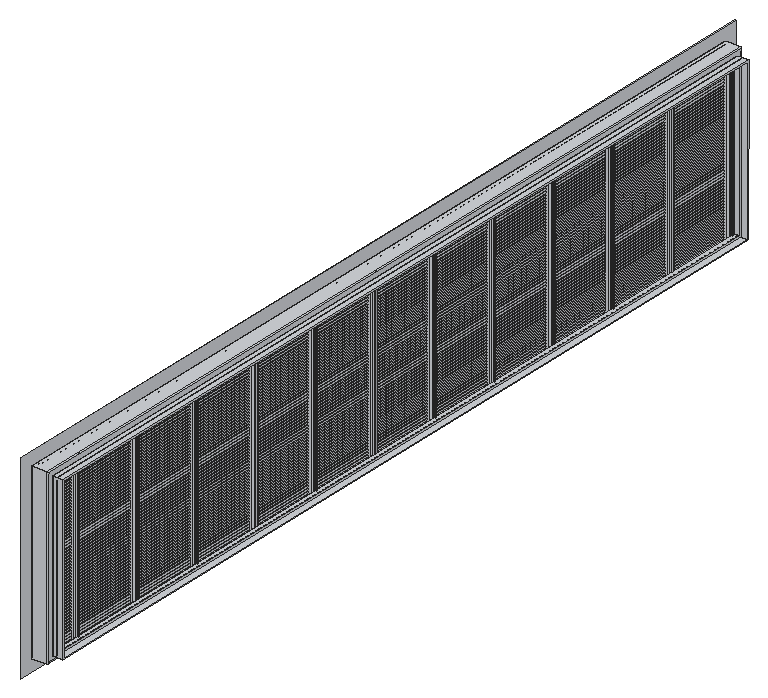
Revit family "14201_TXP", category Air Terminals, Revit 2012
Parameters (values of type "TXP")
  Visible_Texto = not(and(and(Medida_Requerida_Vertical > 3", Medida_Requerida_Vertical < 13"), and(Medida_Requerida_Horizontal > 3", Medida_Requerida_Horizontal < 158")))  # no
  URL = "https://www.innes.com.mx"
  Type Comments = "Núcleo desmontable"
  Tipo de Cuello = "Cuadrado/Rectangular"
  Posición de Instalación = "Piso"
  Nota1 = if(Medida_Requerida_Vertical > 12", "Medida vertical no disponible, máximo 12 in", if(Medida_Requerida_Vertical < 4", "Medida vertical no disponible, mínimo 4 in", if(Medida_Requerida_Horizontal > 157", "Medida horizontal no disponible, máximo 157 in", if(Medida_Requerida_Horizontal < 4", "Medida horizontal no disponible, mínimo 4 in", "."))))  # "."
  Model = "TXP"
  Medida_Requerida_Vertical = 12"
  Medida_Requerida_Horizontal = 60"
  Material de la Rejilla = "Aluminio"
  Manufacturer = "INNES"
  Incrementos de Cuello = "de 1\""
  Función = "Inyección/Retorno"
  Description = "Rejilla lineal de piso"
  Deflexión = "Barras con deflexión a 0°"
  Cuello Mín-Máx. = "4\"x4\" a 157\"x12\""
  Conect_Vertical = if(Medida_Requerida_Vertical > 12", 12", if(Medida_Requerida_Vertical < 4", 4", Medida_Requerida_Vertical - 1/8"))  # 11 7/8"
  Conect_Horizontal = if(Medida_Requerida_Horizontal > 157", 157", if(Medida_Requerida_Horizontal < 4", 4", Medida_Requerida_Horizontal - 1/8"))  # 59 7/8"
Reference planes (in)
  plane 1 "Center (Front/Back)": y = 0.21875
  plane 2: z = 0
  plane 3 "Center (Left/Right)": x = 1.1875
  plane 4 "Conect": x = 2.375
Dimensions and locks (in)
  aligned and locked: connector elem to plane 1 "Center (Front/Back)"
Nested families (in)
  nested 1: "Texto" at (-38.9940114, -57.9066345, 0) x (0.7071, -0.7071, 0) z (0, 0, 1), type "texto"
    with Visible_Texto no
  nested 2: "TXP" at (1.1875, 0.21875, 0), type "TXP"
    with width 59 1/8", var1 59 7/8", Medida_Vertical_Requerida 12", Medida_Horizontal_Requerida 60", Largo_Aleta 59 3/4", Largo 59 7/8", Horizontal 60", Aletas 12
Connectors (in)
  hvac at (2.375, 0.21875, 0), driven by "Conect_Vertical", driven by "Conect_Horizontal"
    settings: index 1, duct flow 0.0 L/s, flow factor 0, pres drop 0.0 Pa, loss coef 0, conn angle 0.00°, conn width 1520.825 mm, conn height 301.625 mm, conn radius 304.8 mm, duct sys type 1, conn prof type 1, flow config 0, flow direction 0, loss method 0, conn ref index -1, conn util no, is conn primary yes, conn desc ""
Definition of nested family "TXP"
  Parameters (values of type "TXP")
    width = Largo - 3/4"  # 19 1/8"
    var1 = if(Largo < 8", 7 7/8", Largo)  # 19 7/8"
    Vertical = if(Medida_Vertical_Requerida < 4", 4", if(Medida_Vertical_Requerida > 12", 12", Medida_Vertical_Requerida))  # 12"
    URL = "http://www.innes.com.mx/p/Product/Article/214"
    Separacion_A = 5 1/8"  # constant formula
    Sep_Aletas = 3" / 16  # 3/16"
    N°_de_Aletas = (Ancho - 1/4") / Sep_Aletas  # 62
    Model = "TXP"
    Medida_Vertical_Requerida = 20"
    Medida_Horizontal_Requerida = 20"
    Material = "Aluminio Extruido"
    Manufacturer = "INNES"
    Largo_Aleta = Largo - 1/8"  # 19 3/4"
    Largo = Horizontal - 1/8"  # 19 7/8"
    Horizontal = if(Medida_Horizontal_Requerida < 4", 4", if(Medida_Horizontal_Requerida > 157", 157", Medida_Horizontal_Requerida))  # 20"
    Height = Ancho - 3/4"  # 11 1/8"
    Description = "Rejilla de Piso"
    Default Elevation = 48"
    Conexion = "Cuadrangular"
    Color = rojo
    Ancho_Total = Vertical + 1 5/8"  # 13 5/8"
    Ancho_Aleta = Ancho - 1/8"  # 11 3/4"
    Ancho = Vertical - 1/8"  # 11 7/8"
    Altura = 1 15/16"  # constant formula
    Aletas2 = Medida_Horizontal_Requerida > 7"  # yes
    Aletas = var1 / Separacion_A  # 4
  Reference planes (in)
    plane 1 "Center (Front/Back)": y = 0
    plane 2: z = 0
    plane 3 "Center (Left/Right)": x = 0
    plane 4: x = 1.1875
    plane 5: x = 1.9375
    plane 6: y = 9.9375
    plane 7: y = -9.9375
    plane 8: z = 5.9375
    plane 9: z = -5.9375
    plane 10: z = 6.8125
    plane 11: z = -6.8125
  Forms (in)
    Extrusion 1, solid, not visible
      sketch origin (0, 0, 0) x (0, 1, 0) y (0, 0, 1)
        loop
          circle (0, 0) r 3
        loop
          circle (0, -1.7432727) r 0.125
        loop
          circle (-0.0048828, -1.3682727) r 0.125
        loop
          circle (-0.0042314, -0.9818491) r 0.125
        loop
          circle (0, -0.6182727) r 0.125
        loop
          circle (-0.0048828, -0.2432727) r 0.125
        loop
          circle (-0.0042314, 0.1431509) r 0.125
        loop
          circle (0, 0.5067273) r 0.125
        loop
          circle (-0.0048828, 0.8817273) r 0.125
        loop
          circle (-0.0042314, 1.2681509) r 0.125
        loop
          circle (0, 1.6317273) r 0.125
      from 0 to 0.0625
    Sweep 2, solid
      path origin (0, 0, 0) x (0, 1, 0) y (0, 0, 1)
        loop
          line (9.9375, 5.9375) -> (-9.9375, 5.9375) -> (-9.9375, -5.9375) -> (9.9375, -5.9375) -> (9.9375, 5.9375)
      profile origin (0, 9.9375, 5.9375) x (0, 0, -1) y (1, 0, 0)
        loop
          line (-0.875, 0) -> (-0.0269634, 0)
          arc (-0.0269634, 0) -> (0.0362968, 0.0262032) -> (0.0625, 0.0894634) r 0.0894634
          line (0.0625, 0.0894634) -> (0.0625, 1.0911204)
          arc (0.0625, 1.0911204) -> (0.0724231, 1.1150769) -> (0.0963796, 1.125) r 0.0338796
          line (0.0963796, 1.125) -> (0.5093602, 1.125)
          arc (0.5093602, 1.125) -> (0.5695199, 1.149919) -> (0.5944388, 1.2100786) r 0.0850786
          line (0.5944388, 1.2100786) -> (0.5944388, 1.5) -> (0.4381888, 1.5) -> (0.4381888, 1.9375) -> (0.3756888, 1.9375) -> (0.3756888, 1.2157801)
          arc (0.3756888, 1.2157801) -> (0.3674058, 1.1957831) -> (0.3474087, 1.1875) r 0.0282801
          line (0.3474087, 1.1875) -> (0.0884287, 1.1875)
          arc (0.0884287, 1.1875) -> (0.0259002, 1.1615998) -> (0, 1.0990713) r 0.0884287
          line (0, 1.0990713) -> (0, 0.0993114)
          arc (0, 0.0993114) -> (-0.0107818, 0.0732818) -> (-0.0368114, 0.0625) r 0.0368114
          line (-0.0368114, 0.0625) -> (-0.875, 0.0625) -> (-0.875, 0)
  Dimensions and locks (in)
    equal spacing: plane 6, plane 1 "Center (Front/Back)", plane 7
    "Largo": plane 6 to plane 7
    "Altura": plane 3 "Center (Left/Right)" to plane 5
    locked: plane 3 "Center (Left/Right)" to plane 4 at 1.1875
    equal spacing: plane 8, level, plane 9
    "Ancho": plane 8 to plane 9
    equal spacing: plane 10, level, plane 11
    "Ancho_Total": plane 10 to plane 11
    locked: plane 3 "Center (Left/Right)" to nested 1 at 0
    locked: plane 8 to nested 1 at 0.1875
    locked: plane 6 to nested 1 at 0.0625
    equal spacing: group 2, group 3, group 4, group 5, group 6, group 7, group 8, group 9, group 10, group 11, group 12, group 13, group 14, group 15, group 16, group 19, group 20, group 21, group 22, group 23, group 24, group 25, group 26, group 27, group 28, group 29, group 30, group 31, group 32, group 33, group 34, group 35, group 36, group 37, group 38, group 39, group 40, group 41, group 42, group 43, group 44, group 45, group 46, group 47, group 48, group 49, group 50, group 51, group 52, group 53, group 54, group 55, group 56, group 57, group 58, group 59, group 60, group 61, group 62, group 63, group 64, group 65  (x2)
    equal spacing: group 65, group 64, group 63, group 62, group 61, group 60, group 59, group 58, group 57, group 56, group 55, group 54, group 53, group 52, group 51, group 50, group 49, group 48, group 47, group 46, group 45, group 44, group 43, group 42, group 41, group 40, group 39, group 38, group 37, group 36, group 35, group 34, group 33, group 32, group 31, group 30, group 29, group 28, group 27, group 26, group 25, group 24, group 23, group 22, group 21, group 20, group 19, group 16, group 15, group 14, group 13, group 12, group 11, group 10, group 9, group 8, group 7, group 6, group 5, group 4, group 3, group 2
    "Sep_Aletas": nested 1 to nested 2
    locked: nested 2 to plane 3 "Center (Left/Right)" at 0
    locked: plane 6 to nested 2 at 0.0625
    locked: nested 16 to plane 4 at 0.0625
    locked: plane 8 to nested 16 at 0.0625
    locked: plane 6 to nested 16 at 0.75
    locked: nested 17 to plane 7 at 0.75
    locked: plane 8 to nested 17 at 0.0625
    locked: nested 17 to plane 4 at 0.0625
    locked: nested 18 to plane 4 at 0.0625
    locked: plane 6 to nested 18 at 0.75
    equal spacing: group 17, group 18, group 66, group 67  (x2)
    equal spacing: group 67, group 66, group 18, group 17
    locked: nested 18 to plane 9 at 0.0625
    locked: nested 19 to plane 9 at 0.0625
    locked: nested 19 to plane 4 at 0.0625
    Sweep 2 to Sweep 2 = 21 5/8"
    plane 10 to plane 11 = 13 5/8"
    plane 11 to plane 10 = 13 5/8"
    plane 9 to plane 8 = 11 7/8"
    "Separacion_A": nested 18 to nested 19
    radius of Extrusion 1 sketch curve = 3"
    aligned and locked: plane 2 to level
    aligned and locked: plane 8 to Sweep 2 sketch curve
    aligned and locked: plane 6 to Sweep 2 sketch curve
    aligned and locked: plane 9 to Sweep 2 sketch curve
    aligned and locked: Sweep 2 sketch curve to plane 7
    aligned and locked: Sweep 2 sketch curve to plane 4
    aligned and locked: Sweep 2 sketch curve to plane 5
    aligned and locked: Sweep 2 sketch curve to plane 8
    aligned and locked: Sweep 2 sketch curve to profile plane
    aligned and locked: plane 10 to Sweep 2 sketch curve
  Automatic sketch dimensions
    Sweep 2 sketch curve to Sweep 2 sketch curve = 0.03681"
    profile plane to Sweep 2 sketch curve = 0.02696"
    Sweep 2 sketch curve to profile plane = 1/16"
    Sweep 2 sketch curve to Sweep 2 sketch curve = 0.02593"
    Sweep 2 sketch curve to Sweep 2 sketch curve = 0.00795"  (x2)
    Sweep 2 sketch curve to Sweep 2 sketch curve = 0.25103"
    Sweep 2 sketch curve to profile plane = 0.37569"
    Sweep 2 sketch curve to Sweep 2 sketch curve = 1/16"
    Sweep 2 sketch curve to Sweep 2 sketch curve = 0.13367"
    Sweep 2 sketch curve to Sweep 2 sketch curve = 0.08508"
    Sweep 2 sketch curve to Sweep 2 sketch curve = 0.02696"
    Sweep 2 sketch curve to Sweep 2 sketch curve = 0.28422"
  Nested families (in)
    nested 1: "A1" at (0, 9.875, 5.75) x (1, 0, 0) z (0, -1, 0), type "A"
      with Largo 19 3/4"
    nested 2: "A1" at (0, 9.875, 5.5625) x (1, 0, 0) z (0, -1, 0), type "A"
      with Largo 19 3/4"
    nested 3: "A1" at (0, 9.875, 5.375) x (1, 0, 0) z (0, -1, 0), type "A"
      with Largo 19 3/4"
    nested 4: "A1" at (0, 9.875, 5.1875) x (1, 0, 0) z (0, -1, 0), type "A"
      with Largo 19 3/4"
    nested 5: "A1" at (0, 9.875, 5) x (1, 0, 0) z (0, -1, 0), type "A"
      with Largo 19 3/4"
    nested 6: "A1" at (0, 9.875, 4.8125) x (1, 0, 0) z (0, -1, 0), type "A"
      with Largo 19 3/4"
    nested 7: "A1" at (0, 9.875, 4.625) x (1, 0, 0) z (0, -1, 0), type "A"
      with Largo 19 3/4"
    nested 8: "A1" at (0, 9.875, 4.4375) x (1, 0, 0) z (0, -1, 0), type "A"
      with Largo 19 3/4"
    nested 9: "A1" at (0, 9.875, 4.25) x (1, 0, 0) z (0, -1, 0), type "A"
      with Largo 19 3/4"
    nested 10: "A1" at (0, 9.875, 4.0625) x (1, 0, 0) z (0, -1, 0), type "A"
      with Largo 19 3/4"
    nested 11: "A1" at (0, 9.875, 3.875) x (1, 0, 0) z (0, -1, 0), type "A"
      with Largo 19 3/4"
    nested 12: "A1" at (0, 9.875, 3.6875) x (1, 0, 0) z (0, -1, 0), type "A"
      with Largo 19 3/4"
    nested 13: "A1" at (0, 9.875, 3.5) x (1, 0, 0) z (0, -1, 0), type "A"
      with Largo 19 3/4"
    nested 14: "A1" at (0, 9.875, 3.3125) x (1, 0, 0) z (0, -1, 0), type "A"
      with Largo 19 3/4"
    nested 15: "A1" at (0, 9.875, 3.125) x (1, 0, 0) z (0, -1, 0), type "A"
      with Largo 19 3/4"
    nested 16: "R1" at (1.125, 9.1875, -5.875) x (-1, 0, 0) z (0, 0, 1), type "A"
      with Largo 11 3/4"
    nested 17: "R1" at (1.125, -9.1875, -5.875) x (-1, 0, 0) z (0, 0, 1), type "A"
      with Largo 11 3/4"
    nested 18: "R2" at (1.125, 9.1875, -5.875) x (-1, 0, 0) z (0, 0, 1), type "A"
      with Largo 11 3/4"
    nested 19: "R2" at (1.125, 4.0625, -5.875) x (-1, 0, 0) z (0, 0, 1), type "A"
      with Largo 11 3/4"
    nested 20: "A1" at (0, 9.875, 2.9375) x (1, 0, 0) z (0, -1, 0), type "A"
      with Largo 19 3/4"
    nested 21: "A1" at (0, 9.875, 2.75) x (1, 0, 0) z (0, -1, 0), type "A"
      with Largo 19 3/4"
    nested 22: "A1" at (0, 9.875, 2.5625) x (1, 0, 0) z (0, -1, 0), type "A"
      with Largo 19 3/4"
    nested 23: "A1" at (0, 9.875, 2.375) x (1, 0, 0) z (0, -1, 0), type "A"
      with Largo 19 3/4"
    nested 24: "A1" at (0, 9.875, 2.1875) x (1, 0, 0) z (0, -1, 0), type "A"
      with Largo 19 3/4"
    nested 25: "A1" at (0, 9.875, 2) x (1, 0, 0) z (0, -1, 0), type "A"
      with Largo 19 3/4"
    nested 26: "A1" at (0, 9.875, 1.8125) x (1, 0, 0) z (0, -1, 0), type "A"
      with Largo 19 3/4"
    nested 27: "A1" at (0, 9.875, 1.625) x (1, 0, 0) z (0, -1, 0), type "A"
      with Largo 19 3/4"
    nested 28: "A1" at (0, 9.875, 1.4375) x (1, 0, 0) z (0, -1, 0), type "A"
      with Largo 19 3/4"
    nested 29: "A1" at (0, 9.875, 1.25) x (1, 0, 0) z (0, -1, 0), type "A"
      with Largo 19 3/4"
    nested 30: "A1" at (0, 9.875, 1.0625) x (1, 0, 0) z (0, -1, 0), type "A"
      with Largo 19 3/4"
    nested 31: "A1" at (0, 9.875, 0.875) x (1, 0, 0) z (0, -1, 0), type "A"
      with Largo 19 3/4"
    nested 32: "A1" at (0, 9.875, 0.6875) x (1, 0, 0) z (0, -1, 0), type "A"
      with Largo 19 3/4"
    nested 33: "A1" at (0, 9.875, 0.5) x (1, 0, 0) z (0, -1, 0), type "A"
      with Largo 19 3/4"
    nested 34: "A1" at (0, 9.875, 0.3125) x (1, 0, 0) z (0, -1, 0), type "A"
      with Largo 19 3/4"
    nested 35: "A1" at (0, 9.875, 0.125) x (1, 0, 0) z (0, -1, 0), type "A"
      with Largo 19 3/4"
    nested 36: "A1" at (0, 9.875, -0.0625) x (1, 0, 0) z (0, -1, 0), type "A"
      with Largo 19 3/4"
    nested 37: "A1" at (0, 9.875, -0.25) x (1, 0, 0) z (0, -1, 0), type "A"
      with Largo 19 3/4"
    nested 38: "A1" at (0, 9.875, -0.4375) x (1, 0, 0) z (0, -1, 0), type "A"
      with Largo 19 3/4"
    nested 39: "A1" at (0, 9.875, -0.625) x (1, 0, 0) z (0, -1, 0), type "A"
      with Largo 19 3/4"
    nested 40: "A1" at (0, 9.875, -0.8125) x (1, 0, 0) z (0, -1, 0), type "A"
      with Largo 19 3/4"
    nested 41: "A1" at (0, 9.875, -1) x (1, 0, 0) z (0, -1, 0), type "A"
      with Largo 19 3/4"
    nested 42: "A1" at (0, 9.875, -1.1875) x (1, 0, 0) z (0, -1, 0), type "A"
      with Largo 19 3/4"
    nested 43: "A1" at (0, 9.875, -1.375) x (1, 0, 0) z (0, -1, 0), type "A"
      with Largo 19 3/4"
    nested 44: "A1" at (0, 9.875, -1.5625) x (1, 0, 0) z (0, -1, 0), type "A"
      with Largo 19 3/4"
    nested 45: "A1" at (0, 9.875, -1.75) x (1, 0, 0) z (0, -1, 0), type "A"
      with Largo 19 3/4"
    nested 46: "A1" at (0, 9.875, -1.9375) x (1, 0, 0) z (0, -1, 0), type "A"
      with Largo 19 3/4"
    nested 47: "A1" at (0, 9.875, -2.125) x (1, 0, 0) z (0, -1, 0), type "A"
      with Largo 19 3/4"
    nested 48: "A1" at (0, 9.875, -2.3125) x (1, 0, 0) z (0, -1, 0), type "A"
      with Largo 19 3/4"
    nested 49: "A1" at (0, 9.875, -2.5) x (1, 0, 0) z (0, -1, 0), type "A"
      with Largo 19 3/4"
    nested 50: "A1" at (0, 9.875, -2.6875) x (1, 0, 0) z (0, -1, 0), type "A"
      with Largo 19 3/4"
    nested 51: "A1" at (0, 9.875, -2.875) x (1, 0, 0) z (0, -1, 0), type "A"
      with Largo 19 3/4"
    nested 52: "A1" at (0, 9.875, -3.0625) x (1, 0, 0) z (0, -1, 0), type "A"
      with Largo 19 3/4"
    nested 53: "A1" at (0, 9.875, -3.25) x (1, 0, 0) z (0, -1, 0), type "A"
      with Largo 19 3/4"
    nested 54: "A1" at (0, 9.875, -3.4375) x (1, 0, 0) z (0, -1, 0), type "A"
      with Largo 19 3/4"
    nested 55: "A1" at (0, 9.875, -3.625) x (1, 0, 0) z (0, -1, 0), type "A"
      with Largo 19 3/4"
    nested 56: "A1" at (0, 9.875, -3.8125) x (1, 0, 0) z (0, -1, 0), type "A"
      with Largo 19 3/4"
    nested 57: "A1" at (0, 9.875, -4) x (1, 0, 0) z (0, -1, 0), type "A"
      with Largo 19 3/4"
    nested 58: "A1" at (0, 9.875, -4.1875) x (1, 0, 0) z (0, -1, 0), type "A"
      with Largo 19 3/4"
    nested 59: "A1" at (0, 9.875, -4.375) x (1, 0, 0) z (0, -1, 0), type "A"
      with Largo 19 3/4"
    nested 60: "A1" at (0, 9.875, -4.5625) x (1, 0, 0) z (0, -1, 0), type "A"
      with Largo 19 3/4"
    nested 61: "A1" at (0, 9.875, -4.75) x (1, 0, 0) z (0, -1, 0), type "A"
      with Largo 19 3/4"
    nested 62: "A1" at (0, 9.875, -4.9375) x (1, 0, 0) z (0, -1, 0), type "A"
      with Largo 19 3/4"
    nested 63: "A1" at (0, 9.875, -5.125) x (1, 0, 0) z (0, -1, 0), type "A"
      with Largo 19 3/4"
    nested 64: "A1" at (0, 9.875, -5.3125) x (1, 0, 0) z (0, -1, 0), type "A"
      with Largo 19 3/4"
    nested 65: "A1" at (0, 9.875, -5.5) x (1, 0, 0) z (0, -1, 0), type "A"
      with Largo 19 3/4"
    nested 66: "A1" at (0, 9.875, -5.6875) x (1, 0, 0) z (0, -1, 0), type "A"
      with Largo 19 3/4"
    nested 67: "R2" at (1.125, -1.0625, -5.875) x (-1, 0, 0) z (0, 0, 1), type "A"
      with Largo 11 3/4"
    nested 68: "R2" at (1.125, -6.1875, -5.875) x (-1, 0, 0) z (0, 0, 1), type "A"
      with Largo 11 3/4"
  Definition of nested family "A1"
    Parameters (values of type "A")
      VS = yes
      URL = ""
      Model = ""
      Material = "Acero o Aluminio"
      Manufacturer = "INNES"
      Largo = 5"
      Description = ""
      Default Elevation = 48"
      Conexion = "Redondo"
      Alto = 5/8"
    Reference planes (in)
      plane 1 "Center (Front/Back)": y = 0
      plane 2: z = 0
      plane 3 "Center (Left/Right)": x = 0
      plane 4: x = 0.625
      plane 5: x = 0.09375
      plane 6: x = 0.5625
      plane 7: y = 0.0340159
      plane 8: y = 0.0645141
      plane 9: y = -0.0340159
      plane 10: y = -0.0645141
    Forms (in)
      Extrusion 1, solid, not visible
        sketch origin (0, 0, 0) x (0, 1, 0) y (0, 0, 1)
          loop
            circle (0, 0) r 6
          loop
            circle (0, -1.7432727) r 0.125
          loop
            circle (-0.0048828, -1.3682727) r 0.125
          loop
            circle (-0.0042314, -0.9818491) r 0.125
          loop
            circle (0, -0.6182727) r 0.125
          loop
            circle (-0.0048828, -0.2432727) r 0.125
          loop
            circle (-0.0042314, 0.1431509) r 0.125
          loop
            circle (0, 0.5067273) r 0.125
          loop
            circle (-0.0048828, 0.8817273) r 0.125
          loop
            circle (-0.0042314, 1.2681509) r 0.125
          loop
            circle (0, 1.6317273) r 0.125
        from 0 to 0.0625
      Extrusion 2, solid, visible <- "VS"
        sketch origin (0, 0, 0) x (1, 0, 0) y (0, 1, 0)
          loop
            line (0.0707509, 0.0645141) -> (0.0242745, 0.0645141)
            arc (0.0242745, 0.0645141) -> (0.0071099, 0.0574042) -> (0, 0.0402395) r 0.0242745
            line (0, 0.0402395) -> (0, -0.0375044)
            arc (0, -0.0375044) -> (0.0079109, -0.0566031) -> (0.0270096, -0.0645141) r 0.0270096
            line (0.0270096, -0.0645141) -> (0.0707509, -0.0645141)
            arc (0.0707509, -0.0645141) -> (0.0950544, -0.0421297) -> (0.1270838, -0.0340159) r 0.067275
            line (0.1270838, -0.0340159) -> (0.5104367, -0.0340159) -> (0.5625, -0.0652659) -> (0.5625, -0.0340159) -> (0.625, -0.0340159) -> (0.625, 0.0340159) -> (0.5625, 0.0340159) -> (0.5625, 0.0652659) -> (0.5047785, 0.0340159) -> (0.1235753, 0.0340159)
            arc (0.1235753, 0.0340159) -> (0.0930183, 0.042086) -> (0.0707509, 0.0645141) r 0.0602478
        from 0 to 5
    Dimensions and locks (in)
      "Alto": plane 3 "Center (Left/Right)" to plane 4
      locked: plane 3 "Center (Left/Right)" to plane 5 at 0.09375
      locked: plane 6 to plane 4 at 0.0625
      equal spacing: plane 7, plane 1 "Center (Front/Back)", plane 9
      equal spacing: plane 8, plane 1 "Center (Front/Back)", plane 10
      plane 7 to plane 9 = 0.06803"
      plane 8 to plane 10 = 0.12903"
      plane 1 "Center (Front/Back)" to Extrusion 2 = 0.06451"
      "Largo": Extrusion 2 to level
      radius of Extrusion 1 sketch curve = 6"
      aligned and locked: plane 2 to level
      aligned and locked: plane 7 to Extrusion 2 sketch curve
      aligned and locked: plane 9 to Extrusion 2 sketch curve
      aligned and locked: Extrusion 2 sketch curve to plane 3 "Center (Left/Right)"
      aligned and locked: plane 4 to Extrusion 2 sketch curve
    Automatic sketch dimensions
      Extrusion 2 sketch curve to plane 8 = 0"
      Extrusion 2 sketch curve to plane 10 = 0"
      Extrusion 2 sketch curve to plane 6 = 0"  (x2)
      plane 9 to Extrusion 2 sketch curve = 0"
      Extrusion 2 sketch curve to plane 7 = 0"
      plane 3 "Center (Left/Right)" to Extrusion 2 sketch curve = 0.02427"
      plane 3 "Center (Left/Right)" to Extrusion 2 sketch curve = 0.02701"
      Extrusion 2 sketch curve to plane 5 = 0.023"  (x2)
      plane 5 to Extrusion 2 sketch curve = 0.02939"
      plane 5 to Extrusion 2 sketch curve = 0.02983"
      plane 5 to Extrusion 2 sketch curve = 0.03333"
      Extrusion 2 sketch curve to plane 6 = 0.05772"
      Extrusion 2 sketch curve to plane 6 = 0.05206"
      Extrusion 2 sketch curve to plane 10 = 0.00075"
      plane 8 to Extrusion 2 sketch curve = 0.00075"
  Definition of nested family "R1"
    Parameters (values of type "A")
      VS = yes
      URL = ""
      Model = ""
      Material = "Acero o Aluminio"
      Manufacturer = "INNES"
      Largo = 5"
      Description = ""
      Default Elevation = 48"
      Conexion = "Redondo"
      Alto = 7/8"
    Reference planes (in)
      plane 1 "Center (Front/Back)": y = 0
      plane 2: z = 0
      plane 3 "Center (Left/Right)": x = 0
      plane 4: x = 0.875
      plane 5: x = 0.125
      plane 6: x = 0.53125
      plane 7: y = 0.0340159
      plane 8: y = 0.0723266
      plane 9: y = -0.0340159
      plane 10: y = -0.0723266
      plane 11: x = 0.28125
    Forms (in)
      Extrusion 1, solid, not visible
        sketch origin (0, 0, 0) x (0, 1, 0) y (0, 0, 1)
          loop
            circle (0, 0) r 6
          loop
            circle (0, -1.7432727) r 0.125
          loop
            circle (-0.0048828, -1.3682727) r 0.125
          loop
            circle (-0.0042314, -0.9818491) r 0.125
          loop
            circle (0, -0.6182727) r 0.125
          loop
            circle (-0.0048828, -0.2432727) r 0.125
          loop
            circle (-0.0042314, 0.1431509) r 0.125
          loop
            circle (0, 0.5067273) r 0.125
          loop
            circle (-0.0048828, 0.8817273) r 0.125
          loop
            circle (-0.0042314, 1.2681509) r 0.125
          loop
            circle (0, 1.6317273) r 0.125
        from 0 to 0.0625
      Extrusion 2, solid, visible <- "VS"
        sketch origin (0, 0, 0) x (1, 0, 0) y (0, 1, 0)
          loop
            line (0.1156067, 0.0723266) -> (0.0224635, 0.0723266)
            arc (0.0224635, 0.0723266) -> (0.0065794, 0.0657472) -> (0, 0.0498631) r 0.0224635
            line (0, 0.0498631) -> (0, -0.0503258)
            arc (0, -0.0503258) -> (0.0064439, -0.0658827) -> (0.0220008, -0.0723266) r 0.0220008
            line (0.0220008, -0.0723266) -> (0.1156067, -0.0723266)
            arc (0.1156067, -0.0723266) -> (0.1268454, -0.0547752) -> (0.125, -0.0340159) r 0.0322424
            line (0.125, -0.0340159) -> (0.28125, -0.0723266) -> (0.53125, -0.0723266) -> (0.53125, -0.0340159) -> (0.875, -0.0340159) -> (0.875, 0.0340159) -> (0.53125, 0.0340159) -> (0.53125, 0.0723266) -> (0.28125, 0.0723266) -> (0.125, 0.0340159)
            arc (0.125, 0.0340159) -> (0.1257732, 0.0545124) -> (0.1156067, 0.0723266) r 0.0373499
        from 0 to 5
    Dimensions and locks (in)
      "Alto": plane 3 "Center (Left/Right)" to plane 4
      locked: plane 3 "Center (Left/Right)" to plane 5 at 0.125
      locked: plane 6 to plane 4 at 0.34375
      equal spacing: plane 7, plane 1 "Center (Front/Back)", plane 9
      equal spacing: plane 8, plane 1 "Center (Front/Back)", plane 10
      plane 7 to plane 9 = 0.06803"
      plane 8 to plane 10 = 0.14465"
      locked: plane 11 to plane 6 at 0.25
      "Largo": Extrusion 2 to level
      radius of Extrusion 1 sketch curve = 6"
      aligned and locked: plane 2 to level
      aligned and locked: plane 9 to Extrusion 2 sketch curve
      aligned and locked: plane 7 to Extrusion 2 sketch curve
      aligned and locked: Extrusion 2 sketch curve to plane 10  (x2)
      aligned and locked: plane 8 to Extrusion 2 sketch curve  (x2)
      aligned and locked: Extrusion 2 sketch curve to plane 3 "Center (Left/Right)"
      aligned and locked: plane 4 to Extrusion 2 sketch curve
    Automatic sketch dimensions
      Extrusion 2 sketch curve to plane 5 = 0"  (x2)
      Extrusion 2 sketch curve to plane 11 = 0"  (x2)
      Extrusion 2 sketch curve to plane 6 = 0"  (x2)
      plane 9 to Extrusion 2 sketch curve = 0"
      Extrusion 2 sketch curve to plane 7 = 0"
      plane 3 "Center (Left/Right)" to Extrusion 2 sketch curve = 0.022"
      plane 3 "Center (Left/Right)" to Extrusion 2 sketch curve = 0.02246"
      plane 7 to Extrusion 2 sketch curve = 0.0116"
      Extrusion 2 sketch curve to plane 5 = 0.0355"
      plane 9 to Extrusion 2 sketch curve = 0.01308"
      Extrusion 2 sketch curve to plane 5 = 0.02947"
  Definition of nested family "R2"
    Parameters (values of type "A")
      VS = yes
      URL = ""
      Model = ""
      Material = "Acero o Aluminio"
      Manufacturer = "INNES"
      Largo = 5"
      Description = ""
      Default Elevation = 48"
      Conexion = "Redondo"
      Alto = 7/8"
    Reference planes (in)
      plane 1 "Center (Front/Back)": y = 0
      plane 2: z = 0
      plane 3 "Center (Left/Right)": x = 0
      plane 4: x = 0.875
      plane 5: x = 0.125
      plane 6: x = 0.53125
      plane 7: y = 0.0340159
      plane 8: y = 0.0723266
      plane 9: y = -0.0340159
      plane 10: y = -0.0723266
      plane 11: x = 0.28125
    Forms (in)
      Extrusion 1, solid, not visible
        sketch origin (0, 0, 0) x (0, 1, 0) y (0, 0, 1)
          loop
            circle (0, 0) r 6
          loop
            circle (0, -1.7432727) r 0.125
          loop
            circle (-0.0048828, -1.3682727) r 0.125
          loop
            circle (-0.0042314, -0.9818491) r 0.125
          loop
            circle (0, -0.6182727) r 0.125
          loop
            circle (-0.0048828, -0.2432727) r 0.125
          loop
            circle (-0.0042314, 0.1431509) r 0.125
          loop
            circle (0, 0.5067273) r 0.125
          loop
            circle (-0.0048828, 0.8817273) r 0.125
          loop
            circle (-0.0042314, 1.2681509) r 0.125
          loop
            circle (0, 1.6317273) r 0.125
        from 0 to 0.0625
      Extrusion 2, solid, visible <- "VS"
        sketch origin (0, 0, 0) x (1, 0, 0) y (0, 1, 0)
          loop
            line (0.1156067, 0.0723266) -> (0.0224635, 0.0723266)
            arc (0.0224635, 0.0723266) -> (0.0065794, 0.0657472) -> (0, 0.0498631) r 0.0224635
            line (0, 0.0498631) -> (0, -0.0503258)
            arc (0, -0.0503258) -> (0.0064439, -0.0658827) -> (0.0220008, -0.0723266) r 0.0220008
            line (0.0220008, -0.0723266) -> (0.1156067, -0.0723266)
            arc (0.1156067, -0.0723266) -> (0.1268454, -0.0547752) -> (0.125, -0.0340159) r 0.0322424
            line (0.125, -0.0340159) -> (0.28125, -0.0723266) -> (0.53125, -0.0723266) -> (0.53125, -0.0340159) -> (0.875, -0.0340159) -> (0.875, 0.0340159) -> (0.53125, 0.0340159) -> (0.53125, 0.0723266) -> (0.28125, 0.0723266) -> (0.125, 0.0340159)
            arc (0.125, 0.0340159) -> (0.1257732, 0.0545124) -> (0.1156067, 0.0723266) r 0.0373499
        from 0 to 5
    Dimensions and locks (in)
      "Alto": plane 3 "Center (Left/Right)" to plane 4
      locked: plane 3 "Center (Left/Right)" to plane 5 at 0.125
      locked: plane 6 to plane 4 at 0.34375
      equal spacing: plane 7, plane 1 "Center (Front/Back)", plane 9
      equal spacing: plane 8, plane 1 "Center (Front/Back)", plane 10
      plane 7 to plane 9 = 0.06803"
      plane 8 to plane 10 = 0.14465"
      locked: plane 11 to plane 6 at 0.25
      "Largo": Extrusion 2 to level
      radius of Extrusion 1 sketch curve = 6"
      aligned and locked: plane 2 to level
      aligned and locked: plane 9 to Extrusion 2 sketch curve
      aligned and locked: plane 7 to Extrusion 2 sketch curve
      aligned and locked: Extrusion 2 sketch curve to plane 10  (x2)
      aligned and locked: plane 8 to Extrusion 2 sketch curve  (x2)
      aligned and locked: Extrusion 2 sketch curve to plane 3 "Center (Left/Right)"
      aligned and locked: plane 4 to Extrusion 2 sketch curve
    Automatic sketch dimensions
      Extrusion 2 sketch curve to plane 5 = 0"  (x2)
      Extrusion 2 sketch curve to plane 11 = 0"  (x2)
      Extrusion 2 sketch curve to plane 6 = 0"  (x2)
      plane 9 to Extrusion 2 sketch curve = 0"
      Extrusion 2 sketch curve to plane 7 = 0"
      plane 3 "Center (Left/Right)" to Extrusion 2 sketch curve = 0.022"
      plane 3 "Center (Left/Right)" to Extrusion 2 sketch curve = 0.02246"
      plane 7 to Extrusion 2 sketch curve = 0.0116"
      Extrusion 2 sketch curve to plane 5 = 0.0355"
      plane 9 to Extrusion 2 sketch curve = 0.01308"
      Extrusion 2 sketch curve to plane 5 = 0.02947"
Definition of nested family "Texto"
  Parameters (values of type "texto")
    texto = "Caudal no Válido"
    Visible_Texto = yes
    Color = rojo
  Reference planes (in)
    plane 1 "Center (Front/Back)": y = 0
    plane 2: z = 0
    plane 3 "Center (Left/Right)": x = 0
